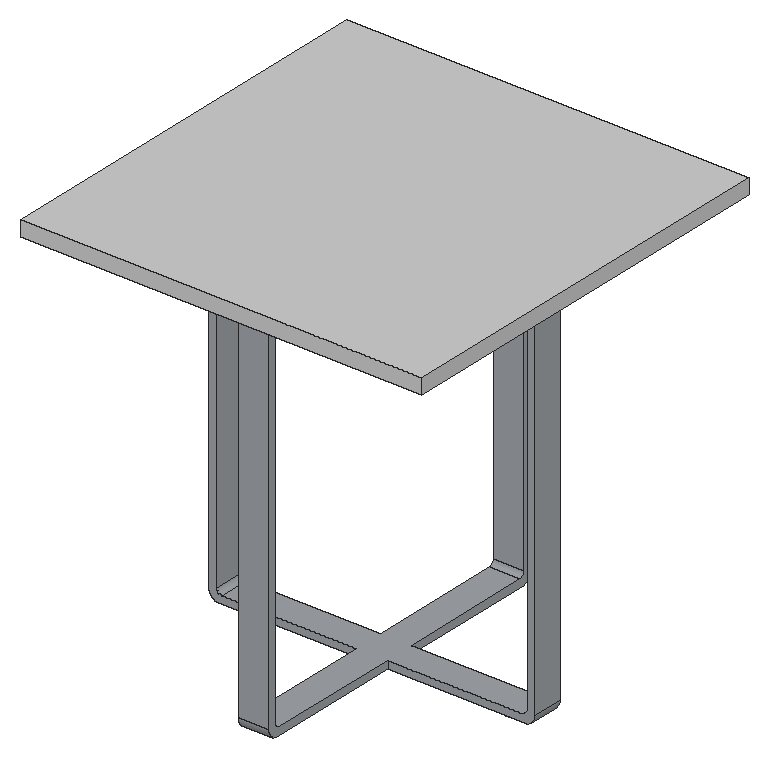
Revit family
Parameters
  URL = "http://www.martinbrattrud.com"
  Table [instance] = none
  SCS Certified Product = "Yes"
  Model = "Serif 531-20SHC"
  Manufacturer = "Martin Brattrud, Inc."
  Legs [instance] = none
  Keynote = "125000"
  Copyright = "© 2013 Martin Brattrud, Inc."
  Authoring Version = "Revit Architecture 2010"
  Assembly Code = "E2020200"
Reference planes (in)
  plane 1 "Center Front/Back": y = 0
  plane 2: z = 0
  plane 3 "Center Left/Right": x = 0
Forms (in)
  Extrusion 1, solid, material <- "Legs"
    sketch origin (0, 0, 0) x (0, 1, 0) y (0, 0, 1)
      loop
        arc (8, 18.935) -> (7.85355, 19.28855) -> (7.5, 19.435) r 0.5
        line (7.5, 19.435) -> (-7.5, 19.435)
        arc (-7.5, 19.435) -> (-7.85355, 19.28855) -> (-8, 18.935) r 0.5
        line (-8, 18.935) -> (-8, 0.6875)
        arc (-8, 0.6875) -> (-7.85355, 0.33395) -> (-7.5, 0.1875) r 0.5
        line (-7.5, 0.1875) -> (7.5, 0.1875)
        arc (7.5, 0.1875) -> (7.85355, 0.33395) -> (8, 0.6875) r 0.5
        line (8, 0.6875) -> (8, 18.935)
      loop
        arc (7.625, 18.81) -> (7.55178, 18.98678) -> (7.375, 19.06) r 0.25
        line (7.375, 19.06) -> (-7.375, 19.06)
        arc (-7.375, 19.06) -> (-7.55178, 18.98678) -> (-7.625, 18.81) r 0.25
        line (-7.625, 18.81) -> (-7.625, 0.8125)
        arc (-7.625, 0.8125) -> (-7.55178, 0.63572) -> (-7.375, 0.5625) r 0.25
        line (-7.375, 0.5625) -> (7.375, 0.5625)
        arc (7.375, 0.5625) -> (7.55178, 0.63572) -> (7.625, 0.8125) r 0.25
        line (7.625, 0.8125) -> (7.625, 18.81)
    from -0.75 to 0.75
  Revolve 2, solid
    sketch origin (0, 0, 0) x (0, 1, 0) y (0, 0, 1)
      loop
        line (-6.4375, 0) -> (-6.4375, 0.1875) -> (-7, 0.1875) -> (-7, 0.125)
        arc (-7, 0.125) -> (-6.96339, 0.03661) -> (-6.875, 0) r 0.125
        line (-6.875, 0) -> (-6.4375, 0)
      axis (-6.4375, 0) -> (-6.4375, 0.1875)
    angle from 0 to 360
  Revolve 3, solid
    sketch origin (0, 6.4375, 0) x (0, 1, 0) y (0, 0, 1)
      loop
        line (-6.4375, 0) -> (-6.4375, 0.1875) -> (-7, 0.1875) -> (-7, 0.125)
        arc (-7, 0.125) -> (-6.96339, 0.03661) -> (-6.875, 0) r 0.125
        line (-6.875, 0) -> (-6.4375, 0)
      axis (-6.4375, 0) -> (-6.4375, 0.1875)
    angle from 0 to 360
  Revolve 4, solid
    sketch origin (0, 12.875, 0) x (0, 1, 0) y (0, 0, 1)
      loop
        line (-6.4375, 0) -> (-6.4375, 0.1875) -> (-7, 0.1875) -> (-7, 0.125)
        arc (-7, 0.125) -> (-6.96339, 0.03661) -> (-6.875, 0) r 0.125
        line (-6.875, 0) -> (-6.4375, 0)
      axis (-6.4375, 0) -> (-6.4375, 0.1875)
    angle from 0 to 360
  Extrusion 5, solid, material <- "Legs"
    sketch origin (0, 0, 0) x (-1, 0, 0) y (0, 0, 1)
      loop
        arc (8, 18.935) -> (7.85355, 19.28855) -> (7.5, 19.435) r 0.5
        line (7.5, 19.435) -> (-7.5, 19.435)
        arc (-7.5, 19.435) -> (-7.85355, 19.28855) -> (-8, 18.935) r 0.5
        line (-8, 18.935) -> (-8, 0.6875)
        arc (-8, 0.6875) -> (-7.85355, 0.33395) -> (-7.5, 0.1875) r 0.5
        line (-7.5, 0.1875) -> (7.5, 0.1875)
        arc (7.5, 0.1875) -> (7.85355, 0.33395) -> (8, 0.6875) r 0.5
        line (8, 0.6875) -> (8, 18.935)
      loop
        arc (7.625, 18.81) -> (7.55178, 18.98678) -> (7.375, 19.06) r 0.25
        line (7.375, 19.06) -> (-7.375, 19.06)
        arc (-7.375, 19.06) -> (-7.55178, 18.98678) -> (-7.625, 18.81) r 0.25
        line (-7.625, 18.81) -> (-7.625, 0.8125)
        arc (-7.625, 0.8125) -> (-7.55178, 0.63572) -> (-7.375, 0.5625) r 0.25
        line (-7.375, 0.5625) -> (7.375, 0.5625)
        arc (7.375, 0.5625) -> (7.55178, 0.63572) -> (7.625, 0.8125) r 0.25
        line (7.625, 0.8125) -> (7.625, 18.81)
    from -0.75 to 0.75
  Revolve 6, solid
    sketch origin (0, 0, 0) x (-1, 0, 0) y (0, 0, 1)
      loop
        line (-6.4375, 0) -> (-6.4375, 0.1875) -> (-7, 0.1875) -> (-7, 0.125)
        arc (-7, 0.125) -> (-6.96339, 0.03661) -> (-6.875, 0) r 0.125
        line (-6.875, 0) -> (-6.4375, 0)
      axis (-6.4375, 0) -> (-6.4375, 0.1875)
    angle from 0 to 360
  Revolve 7, solid
    sketch origin (-12.875, 0, 0) x (-1, 0, 0) y (0, 0, 1)
      loop
        line (-6.4375, 0) -> (-6.4375, 0.1875) -> (-7, 0.1875) -> (-7, 0.125)
        arc (-7, 0.125) -> (-6.96339, 0.03661) -> (-6.875, 0) r 0.125
        line (-6.875, 0) -> (-6.4375, 0)
      axis (-6.4375, 0) -> (-6.4375, 0.1875)
    angle from 0 to 360
  Extrusion 8, solid, material <- "Table"
    sketch origin (0, 0, 0) x (1, 0, 0) y (0, 1, 0)
      loop
        line (-9.84808, 10) -> (-9.84808, -10) -> (9.84808, -10) -> (9.84808, 10) -> (-9.84808, 10)
    from 19.4975 to 20.2475
Cuts and joins
  joined: Extrusion 1, Extrusion 5
